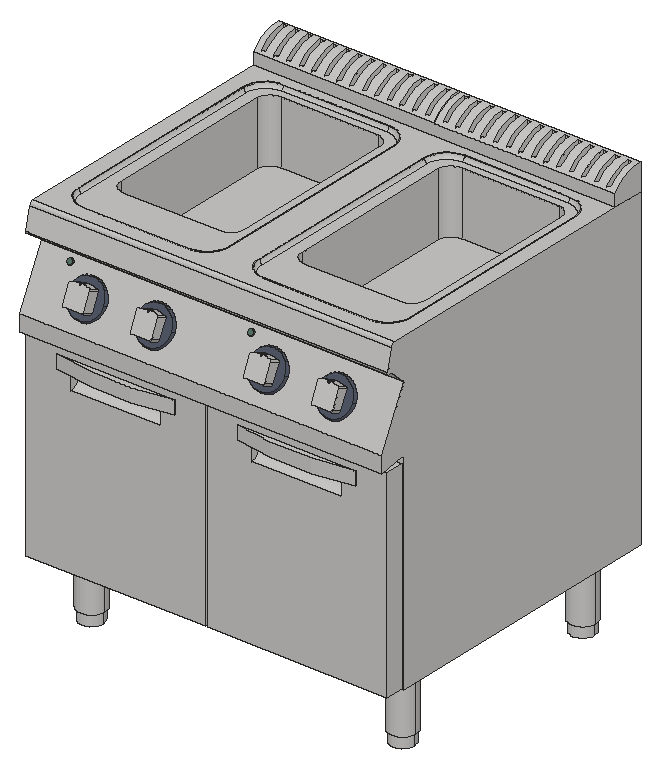
Revit family "QF_ZANUSSI_372353_Z7OOBDBAME", category Specialty Equipment, Revit 2018 (continued)
Automatic sketch dimensions
  Extrusion 27 sketch curve to Extrusion 27 sketch curve = 57.15 mm
  Extrusion 28 sketch curve to plane 1 "BACK" = 6.761 mm
  Extrusion 28 sketch curve to plane 7 "Center Y" = 154.563 mm
  Extrusion 28 sketch curve to Extrusion 28 sketch curve = 9.296 mm
  Extrusion 28 sketch curve to Extrusion 28 sketch curve = 57.15 mm
  Extrusion 29 sketch curve to plane 1 "BACK" = 6.761 mm
  Extrusion 29 sketch curve to plane 7 "Center Y" = 126.721 mm
  Extrusion 29 sketch curve to Extrusion 29 sketch curve = 9.296 mm
  Extrusion 29 sketch curve to Extrusion 29 sketch curve = 57.15 mm
  Extrusion 30 sketch curve to plane 1 "BACK" = 6.761 mm
  Extrusion 30 sketch curve to plane 7 "Center Y" = 98.878 mm
  Extrusion 30 sketch curve to Extrusion 30 sketch curve = 9.296 mm
  Extrusion 30 sketch curve to Extrusion 30 sketch curve = 57.15 mm
  Extrusion 31 sketch curve to plane 1 "BACK" = 6.761 mm
  Extrusion 31 sketch curve to plane 7 "Center Y" = 71.036 mm
  Extrusion 31 sketch curve to Extrusion 31 sketch curve = 9.296 mm
  Extrusion 31 sketch curve to Extrusion 31 sketch curve = 57.15 mm
  Extrusion 32 sketch curve to plane 1 "BACK" = 6.761 mm
  Extrusion 32 sketch curve to plane 7 "Center Y" = 43.194 mm
  Extrusion 32 sketch curve to Extrusion 32 sketch curve = 9.296 mm
  Extrusion 32 sketch curve to Extrusion 32 sketch curve = 57.15 mm
  plane 1 "BACK" to Extrusion 33 sketch curve = 0 mm
  plane 7 "Center Y" to Extrusion 33 sketch curve = 1.587 mm
  Extrusion 33 sketch curve to plane 7 "Center Y" = 1.588 mm
  Extrusion 33 sketch curve to Extrusion 33 sketch curve = 69.85 mm
  Revolve 34 sketch curve to level = 0 mm
  Revolve 34 sketch curve to plane 14 = 0 mm  (x2)
  level to Revolve 34 sketch curve = 25 mm
  plane 3 "LEFT" to Revolve 34 sketch curve = 56 mm
  plane 3 "LEFT" to Revolve 34 sketch curve = 29.75 mm
  plane 3 "LEFT" to Revolve 34 sketch curve = 26 mm
  Revolve 34 sketch curve to Revolve 34 sketch curve = 20 mm
  Revolve 34 sketch curve to Revolve 34 sketch curve = 0 mm
  Revolve 35 sketch curve to level = 0 mm
  Revolve 35 sketch curve to plane 14 = 0 mm  (x2)
  level to Revolve 35 sketch curve = 25 mm
  plane 3 "LEFT" to Revolve 35 sketch curve = 56 mm
  plane 3 "LEFT" to Revolve 35 sketch curve = 29.75 mm
  plane 3 "LEFT" to Revolve 35 sketch curve = 26 mm
  Revolve 35 sketch curve to Revolve 35 sketch curve = 20 mm
  Revolve 35 sketch curve to Revolve 35 sketch curve = 0 mm
  Sweep 40 sketch curve to plane 11 = 2.62 mm  (x2)
  Sweep 40 sketch curve to plane 7 "Center Y" = 33.337 mm
  plane 11 to Sweep 40 sketch curve = 47.38 mm
  Sweep 40 sketch curve to plane 12 = 57.513 mm
  Sweep 40 sketch curve to Sweep 40 sketch curve = 50 mm  (x2)
  plane 3 "LEFT" to Sweep 40 sketch curve = 83.338 mm
  profile plane to Sweep 40 sketch curve = 0 mm
  Sweep 40 sketch curve to plane 10 "TOP A" = 0 mm
  Sweep 40 sketch curve to profile plane = 5.055 mm
  Sweep 40 sketch curve to profile plane = 14.151 mm
  Extrusion 42 sketch curve to plane 5 "FRONT" = 12.909 mm
  Extrusion 42 sketch curve to plane 5 "FRONT" = 15 mm
  Extrusion 42 sketch curve to Extrusion 42 sketch curve = 22 mm
  Extrusion 42 sketch curve to plane 9 "BASE" = 83.237 mm
  Extrusion 42 sketch curve to Extrusion 42 sketch curve = 26 mm
  Extrusion 43 sketch curve to plane 5 "FRONT" = 15 mm
  Extrusion 43 sketch curve to plane 7 "Center Y" = 69.727 mm
  Extrusion 43 sketch curve to plane 12 = 42.135 mm
  plane 3 "LEFT" to Extrusion 43 sketch curve = 200 mm
  plane 3 "LEFT" to Extrusion 43 sketch curve = 69.727 mm
  Extrusion 43 sketch curve to Extrusion 43 sketch curve = 0.915 mm
  Extrusion 44 sketch curve to plane 5 "FRONT" = 12.909 mm
  Extrusion 44 sketch curve to plane 5 "FRONT" = 15 mm
  Extrusion 44 sketch curve to Extrusion 44 sketch curve = 22 mm
  Extrusion 44 sketch curve to plane 9 "BASE" = 83.237 mm
  Extrusion 44 sketch curve to Extrusion 44 sketch curve = 26 mm
  Extrusion 47 sketch curve to plane 7 "Center Y" = 2.13 mm
  plane 14 to Extrusion 47 sketch curve = 5 mm
  Extrusion 47 sketch curve to plane 9 "BASE" = 0.237 mm
  plane 7 "Center Y" to Extrusion 47 sketch curve = 2.13 mm
  Extrusion 48 sketch curve to plane 5 "FRONT" = 9.329 mm
  Extrusion 48 sketch curve to plane 10 "TOP A" = 112.016 mm
  Extrusion 48 sketch curve to Extrusion 48 sketch curve = 3 mm
  Extrusion 48 sketch curve to Extrusion 48 sketch curve = 0 mm
  Extrusion 48 sketch curve to Extrusion 48 sketch curve = 1 mm  (x2)
  Extrusion 48 sketch curve to Extrusion 48 sketch curve = 15 mm
  Extrusion 49 sketch curve to plane 7 "Center Y" = 107.5 mm
  Extrusion 49 sketch curve to Extrusion 49 sketch curve = 35 mm  (x2)
  Extrusion 50 sketch curve to plane 7 "Center Y" = 102 mm
  Extrusion 50 sketch curve to Extrusion 50 sketch curve = 2.997 mm  (x3)
  Extrusion 50 sketch curve to Extrusion 50 sketch curve = 20.003 mm  (x2)
  Extrusion 50 sketch curve to Extrusion 50 sketch curve = 40.005 mm
  Extrusion 50 sketch curve to Extrusion 50 sketch curve = 0 mm  (x2)
  Extrusion 50 sketch curve to Extrusion 50 sketch curve = 40.037 mm
  Extrusion 50 sketch curve to Extrusion 50 sketch curve = 5.399 mm
  Blend 51 sketch curve to plane 7 "Center Y" = 125 mm  (x2)
  Split face 1 sketch curve to Split face 1 sketch curve = 6 mm
  Split face 1 sketch curve to Split face 1 sketch curve = 30.402 mm
  Split face 1 sketch curve to Split face 1 sketch curve = 9.201 mm
  Split face 1 sketch curve to Split face 1 sketch curve = 2.43 mm
  Split face 1 sketch curve to Split face 1 sketch curve = 0.785 mm
  plane 3 "LEFT" to Extrusion 52 sketch curve = 102 mm
  Extrusion 52 sketch curve to Extrusion 52 sketch curve = 2.997 mm  (x3)
  Extrusion 52 sketch curve to Extrusion 52 sketch curve = 20.003 mm  (x2)
  Extrusion 52 sketch curve to Extrusion 52 sketch curve = 40.005 mm
  Extrusion 52 sketch curve to Extrusion 52 sketch curve = 5.399 mm
  Extrusion 52 sketch curve to Extrusion 52 sketch curve = 40.037 mm
  Extrusion 52 sketch curve to Extrusion 52 sketch curve = 0 mm  (x2)
  Extrusion 53 sketch curve to plane 5 "FRONT" = 9.329 mm
  Extrusion 53 sketch curve to plane 10 "TOP A" = 112.016 mm
  Extrusion 53 sketch curve to Extrusion 53 sketch curve = 3 mm
  Extrusion 53 sketch curve to Extrusion 53 sketch curve = 0 mm  (x2)
  Extrusion 53 sketch curve to Extrusion 53 sketch curve = 1 mm
  Extrusion 53 sketch curve to Extrusion 53 sketch curve = 15 mm
  plane 3 "LEFT" to Extrusion 54 sketch curve = 69.999 mm
  plane 3 "LEFT" to Extrusion 55 sketch curve = 107.5 mm
  Extrusion 55 sketch curve to Extrusion 55 sketch curve = 35 mm  (x2)
  plane 3 "LEFT" to Blend 56 sketch curve = 125 mm  (x2)
  Extrusion 57 sketch curve to plane 5 "FRONT" = 9.329 mm
  Extrusion 57 sketch curve to plane 10 "TOP A" = 112.016 mm
  Extrusion 57 sketch curve to Extrusion 57 sketch curve = 3 mm
  Extrusion 57 sketch curve to Extrusion 57 sketch curve = 0 mm
  Extrusion 57 sketch curve to Extrusion 57 sketch curve = 1 mm  (x2)
  Extrusion 57 sketch curve to Extrusion 57 sketch curve = 15 mm
  plane 7 "Center Y" to Extrusion 61 sketch curve = 102 mm
  Extrusion 61 sketch curve to Extrusion 61 sketch curve = 2.997 mm  (x3)
  Extrusion 61 sketch curve to Extrusion 61 sketch curve = 20.003 mm  (x2)
  Extrusion 61 sketch curve to Extrusion 61 sketch curve = 40.005 mm
  Extrusion 61 sketch curve to Extrusion 61 sketch curve = 5.399 mm
  Extrusion 61 sketch curve to Extrusion 61 sketch curve = 40.037 mm
  Extrusion 61 sketch curve to Extrusion 61 sketch curve = 0 mm  (x2)
  Extrusion 62 sketch curve to plane 5 "FRONT" = 9.329 mm
  Extrusion 62 sketch curve to plane 10 "TOP A" = 112.016 mm
  Extrusion 62 sketch curve to Extrusion 62 sketch curve = 3 mm
  Extrusion 62 sketch curve to Extrusion 62 sketch curve = 0 mm  (x2)
  Extrusion 62 sketch curve to Extrusion 62 sketch curve = 1 mm
  Extrusion 62 sketch curve to Extrusion 62 sketch curve = 15 mm
  plane 7 "Center Y" to Extrusion 63 sketch curve = 69.999 mm
  plane 7 "Center Y" to Extrusion 64 sketch curve = 107.5 mm
  Extrusion 64 sketch curve to Extrusion 64 sketch curve = 35 mm  (x2)
  plane 7 "Center Y" to Blend 65 sketch curve = 125 mm  (x2)
  curve 210 to plane 3 "LEFT" = 0 mm
  curve 175 to plane 3 "LEFT" = 0 mm
  curve 175 to plane 4 "RIGHT" = 0 mm
  plane 3 "LEFT" to curve 176 = 102 mm
  curve 176 to curve 177 = 0.809 mm
  curve 180 to curve 180 = 1.583 mm
  curve 177 to curve 178 = 1.846 mm
  curve 177 to curve 191 = 2.189 mm
  curve 176 to curve 179 = 11.892 mm
  curve 180 to curve 183 = 20.417 mm
  curve 178 to curve 181 = 19.134 mm
  curve 181 to curve 190 = 1.738 mm
  curve 182 to curve 184 = 2 mm
  curve 179 to curve 188 = 22.215 mm
  curve 183 to curve 191 = 19.003 mm
  curve 191 to curve 187 = 0.343 mm
  curve 187 to curve 189 = 1.071 mm
  curve 191 to curve 186 = 2.189 mm
  curve 186 to curve 185 = 0.809 mm
  curve 185 to curve 201 = 104 mm
  curve 202 to curve 202 = 0.809 mm
  curve 205 to curve 205 = 1.583 mm
  curve 202 to curve 203 = 1.846 mm
  curve 202 to curve 207 = 2.189 mm
  curve 201 to curve 204 = 11.892 mm
  curve 205 to curve 199 = 20.417 mm
  curve 203 to curve 206 = 19.134 mm
  curve 206 to curve 197 = 1.738 mm
  curve 199 to curve 198 = 2 mm
  curve 204 to curve 195 = 22.215 mm
  curve 198 to curve 207 = 19.003 mm
  curve 207 to curve 194 = 0.343 mm
  curve 194 to curve 196 = 1.071 mm
  curve 207 to curve 193 = 2.189 mm
  curve 193 to curve 192 = 0.809 mm
  plane 7 "Center Y" to curve 211 = 102 mm
  curve 211 to curve 212 = 0.809 mm
  curve 215 to curve 215 = 1.583 mm
  curve 212 to curve 213 = 1.846 mm
  curve 212 to curve 226 = 2.189 mm
  curve 211 to curve 214 = 11.892 mm
  curve 215 to curve 218 = 20.417 mm
  curve 226 to curve 216 = 19.134 mm
  curve 216 to curve 225 = 1.738 mm
  curve 217 to curve 219 = 2 mm
  curve 214 to curve 223 = 22.215 mm
  curve 218 to curve 226 = 19.003 mm
  curve 222 to curve 222 = 0.343 mm
  curve 222 to curve 224 = 1.071 mm
  curve 226 to curve 221 = 2.189 mm
  curve 221 to curve 220 = 0.809 mm
  curve 220 to curve 236 = 104 mm
  curve 236 to curve 237 = 0.809 mm
  curve 240 to curve 240 = 1.583 mm
  curve 237 to curve 238 = 1.846 mm
  curve 237 to curve 242 = 2.189 mm
  curve 236 to curve 239 = 11.892 mm
  curve 240 to curve 234 = 20.417 mm
  curve 238 to curve 241 = 19.134 mm
  curve 241 to curve 232 = 1.738 mm
  curve 234 to curve 233 = 2 mm
  curve 239 to curve 230 = 22.215 mm
  curve 233 to curve 242 = 19.003 mm
  curve 229 to curve 229 = 0.343 mm
  curve 229 to curve 231 = 1.071 mm
  curve 229 to curve 228 = 2.189 mm
  curve 228 to curve 227 = 0.809 mm
  plane 5 "FRONT" to curve 197 = 97.519 mm
  curve 206 to curve 197 = 0 mm
  curve 197 to curve 225 = 0 mm
  curve 181 to curve 206 = 0 mm
  curve 181 to curve 190 = 0 mm
  curve 216 to curve 225 = 0 mm
  curve 225 to curve 241 = 0 mm
  curve 241 to curve 232 = 0 mm
  curve 206 to curve 207 = 86.839 mm
  curve 232 to curve 242 = 86.839 mm
  curve 181 to curve 191 = 86.839 mm
  curve 216 to curve 226 = 86.839 mm
  curve 242 to curve 236 = 1.333 mm
  curve 226 to curve 220 = 1.333 mm
  curve 207 to curve 202 = 1.333 mm
  curve 191 to curve 185 = 1.333 mm
  curve 213 to curve 212 = 1.333 mm
  curve 229 to curve 228 = 1.333 mm
  curve 207 to curve 192 = 1.333 mm
  curve 191 to curve 176 = 1.333 mm
  curve 202 to curve 203 = 2.779 mm
  curve 237 to curve 238 = 2.779 mm
  curve 221 to curve 222 = 2.779 mm
  curve 193 to curve 194 = 2.779 mm
  curve 228 to curve 229 = 2.779 mm
  curve 186 to curve 187 = 2.779 mm
  curve 177 to curve 178 = 2.779 mm
  curve 212 to curve 213 = 2.779 mm
  curve 194 to curve 196 = 14.462 mm
  curve 238 to curve 240 = 14.462 mm
  curve 229 to curve 231 = 14.462 mm
  curve 222 to curve 224 = 14.462 mm
  curve 187 to curve 189 = 14.462 mm
  curve 213 to curve 215 = 14.462 mm
  curve 178 to curve 180 = 14.462 mm
  curve 203 to curve 205 = 14.462 mm
  curve 224 to curve 219 = 1.435 mm
  curve 180 to curve 183 = 1.435 mm
  curve 205 to curve 200 = 1.435 mm
  curve 231 to curve 233 = 1.435 mm
  curve 183 to curve 188 = 41.91 mm
  curve 234 to curve 239 = 41.91 mm
  curve 217 to curve 214 = 41.91 mm
  curve 239 to curve 230 = 0 mm
  curve 198 to curve 195 = 41.91 mm
  curve 179 to curve 188 = 0 mm
  curve 204 to curve 195 = 0 mm
  curve 214 to curve 223 = 0 mm
  plane 3 "LEFT" to curve 99 = 13.453 mm
  curve 99 to curve 99 = 9.296 mm
  curve 99 to curve 101 = 18.547 mm
  curve 101 to curve 101 = 9.296 mm
  curve 101 to curve 102 = 18.547 mm
  curve 102 to curve 102 = 9.296 mm
  curve 102 to curve 103 = 18.547 mm
  curve 103 to curve 103 = 9.296 mm
  curve 179 to curve 176 = 9.809 mm
  curve 180 to curve 180 = 0.284 mm
  curve 103 to curve 104 = 18.547 mm
  curve 104 to curve 104 = 9.296 mm
  curve 104 to curve 105 = 18.547 mm
  curve 105 to curve 105 = 9.296 mm
  curve 189 to curve 189 = 0.284 mm
  curve 185 to curve 188 = 9.809 mm
  curve 105 to curve 106 = 18.547 mm
  curve 106 to curve 106 = 9.296 mm
  curve 106 to curve 107 = 18.547 mm
  curve 107 to curve 107 = 9.296 mm
  curve 204 to curve 201 = 9.809 mm
  curve 205 to curve 205 = 0.284 mm
  curve 107 to curve 108 = 18.547 mm
  curve 108 to curve 108 = 9.296 mm
  curve 108 to curve 109 = 18.547 mm
  curve 109 to curve 109 = 9.296 mm
  curve 196 to curve 197 = 0.284 mm
  curve 192 to curve 195 = 9.809 mm
  curve 109 to curve 110 = 18.547 mm
  curve 110 to curve 110 = 9.296 mm
  curve 110 to curve 111 = 18.547 mm
  curve 111 to curve 111 = 9.296 mm
  curve 111 to curve 112 = 18.547 mm
  curve 112 to curve 112 = 9.296 mm
  curve 112 to curve 100 = 18.547 mm
  curve 100 to curve 100 = 9.296 mm
  plane 7 "Center Y" to curve 114 = 15.351 mm
  curve 114 to curve 114 = 9.296 mm
  curve 114 to curve 126 = 18.547 mm
  curve 126 to curve 126 = 9.296 mm
  curve 126 to curve 125 = 18.547 mm
  curve 125 to curve 125 = 9.296 mm
  curve 125 to curve 124 = 18.547 mm
  curve 124 to curve 124 = 9.296 mm
  curve 214 to curve 211 = 9.809 mm
  curve 216 to curve 215 = 0.284 mm
  curve 124 to curve 123 = 18.547 mm
  curve 123 to curve 123 = 9.296 mm
  curve 123 to curve 122 = 18.547 mm
  curve 122 to curve 122 = 9.296 mm
  curve 224 to curve 224 = 0.284 mm
  curve 220 to curve 223 = 9.809 mm
  curve 122 to curve 121 = 18.547 mm
  curve 121 to curve 121 = 9.296 mm
  curve 121 to curve 120 = 18.547 mm
  curve 120 to curve 120 = 9.296 mm
  curve 239 to curve 236 = 9.809 mm
  curve 240 to curve 240 = 0.284 mm
  curve 120 to curve 119 = 18.547 mm
  curve 119 to curve 119 = 9.296 mm
  curve 119 to curve 118 = 18.547 mm
  curve 118 to curve 118 = 9.296 mm
  curve 231 to curve 231 = 0.284 mm
  curve 227 to curve 230 = 9.809 mm
  curve 118 to curve 117 = 18.547 mm
  curve 117 to curve 117 = 9.296 mm
  curve 117 to curve 116 = 18.547 mm
  curve 116 to curve 116 = 9.296 mm
  curve 116 to curve 115 = 18.547 mm
  curve 115 to curve 115 = 9.296 mm
  curve 115 to curve 113 = 18.547 mm
  curve 113 to curve 113 = 9.296 mm
  plane 4 "RIGHT" to curve 244 = 0.05 mm
  curve 178 to curve 210 = 6.567 mm
  curve 238 to curve 243 = 6.567 mm
  curve 229 to curve 244 = 6.567 mm
  curve 187 to curve 208 = 6.567 mm
  curve 194 to curve 209 = 6.567 mm
  curve 215 to curve 215 = 0.567 mm
  curve 196 to curve 196 = 0.567 mm
  curve 205 to curve 205 = 0.567 mm
  curve 189 to curve 189 = 0.567 mm
  curve 240 to curve 240 = 0.567 mm
  curve 231 to curve 231 = 0.567 mm
  curve 224 to curve 224 = 0.567 mm
  curve 180 to curve 180 = 0.567 mm
  curve 216 to curve 214 = 1.156 mm
  plane 1 "BACK" to curve 120 = 63.911 mm
  curve 121 to curve 120 = 0 mm
  plane 1 "BACK" to curve 116 = 63.911 mm
  curve 116 to curve 115 = 0 mm
  curve 122 to curve 121 = 0 mm
  plane 1 "BACK" to curve 114 = 63.911 mm
  curve 117 to curve 116 = 0 mm
  curve 115 to curve 113 = 0 mm
  curve 112 to curve 114 = 0 mm
  curve 111 to curve 112 = 0 mm
  curve 118 to curve 117 = 0 mm
  curve 123 to curve 122 = 0 mm
  curve 110 to curve 111 = 0 mm
  curve 109 to curve 110 = 0 mm
  curve 124 to curve 123 = 0 mm
  curve 108 to curve 109 = 0 mm
  curve 107 to curve 108 = 0 mm
  curve 125 to curve 124 = 0 mm
  curve 106 to curve 107 = 0 mm
  curve 105 to curve 106 = 0 mm
  curve 104 to curve 105 = 0 mm
  curve 103 to curve 104 = 0 mm
  curve 119 to curve 118 = 0 mm
  curve 126 to curve 125 = 0 mm
  curve 102 to curve 103 = 0 mm
  curve 101 to curve 102 = 0 mm
  curve 112 to curve 100 = 0 mm
  curve 99 to curve 101 = 0 mm
  Extrusion 2 sketch curve to plane 10 "TOP A" = 0 mm
  Extrusion 2 sketch curve to plane 1 "BACK" = 0 mm
  Extrusion 2 sketch curve to plane 6 "TOP" = 0 mm
  plane 1 "BACK" to Extrusion 2 sketch curve = 1.769 mm
  plane 10 "TOP A" to Extrusion 2 sketch curve = 25.4 mm
  plane 1 "BACK" to Extrusion 2 sketch curve = 69.85 mm
  Extrusion 3 sketch curve to plane 12 = 7.513 mm  (x3)
  Extrusion 3 sketch curve to plane 4 "RIGHT" = 33.338 mm
  Extrusion 3 sketch curve to plane 12 = 57.513 mm
  Extrusion 3 sketch curve to plane 11 = 2.62 mm  (x3)
  Extrusion 3 sketch curve to Extrusion 3 sketch curve = 50 mm  (x4)
  plane 7 "Center Y" to Extrusion 3 sketch curve = 83.337 mm
  Extrusion 3 sketch curve to plane 7 "Center Y" = 33.337 mm
  plane 3 "LEFT" to Extrusion 3 sketch curve = 83.338 mm  (x2)
  plane 5 "FRONT" to Extrusion 5 sketch curve = 0 mm  (x2)
  plane 1 "BACK" to Extrusion 5 sketch curve = 0 mm
  Extrusion 5 sketch curve to plane 3 "LEFT" = 0 mm
  Extrusion 5 sketch curve to plane 4 "RIGHT" = 0 mm
  Extrusion 5 sketch curve to plane 3 "LEFT" = 150.019 mm
  plane 4 "RIGHT" to Extrusion 5 sketch curve = 150.019 mm
  Extrusion 5 sketch curve to plane 1 "BACK" = 150.019 mm
  curve 128 to curve 150 = 0 mm  (x2)
  curve 130 to curve 144 = 0 mm  (x2)
  curve 132 to curve 146 = 0 mm
  curve 134 to curve 148 = 0 mm  (x2)
  curve 152 to curve 174 = 0 mm  (x2)
  curve 154 to curve 168 = 0 mm  (x2)
  curve 156 to curve 170 = 0 mm  (x2)
  curve 158 to curve 172 = 0 mm
  curve 6 to plane 4 "RIGHT" = 0 mm
  curve 97 to plane 4 "RIGHT" = 0 mm
  plane 5 "FRONT" to curve 98 = 0 mm
  plane 5 "FRONT" to curve 97 = 0 mm
  plane 1 "BACK" to curve 92 = 0 mm
  plane 5 "FRONT" to curve 95 = 0 mm
  plane 5 "FRONT" to curve 96 = 0 mm
  curve 5 to plane 3 "LEFT" = 0 mm
  curve 95 to plane 3 "LEFT" = 0 mm
  plane 5 "FRONT" to curve 5 = 0 mm
  plane 5 "FRONT" to curve 6 = 0 mm
  plane 4 "RIGHT" to curve 3 = 150.019 mm
  curve 52 to plane 4 "RIGHT" = 13.453 mm
  curve 51 to curve 52 = 9.296 mm
  curve 155 to plane 4 "RIGHT" = 33.338 mm
  curve 155 to curve 169 = 5.055 mm
  plane 1 "BACK" to curve 57 = 6.761 mm
  curve 50 to curve 57 = 18.547 mm
  curve 57 to curve 58 = 9.296 mm
  curve 165 to plane 4 "RIGHT" = 63.338 mm
  plane 1 "BACK" to curve 60 = 6.761 mm
  curve 56 to curve 60 = 18.547 mm
  curve 60 to curve 59 = 9.296 mm
  curve 154 to plane 12 = 7.513 mm
  curve 165 to curve 154 = 20 mm
  curve 170 to plane 11 = 2.62 mm
  curve 169 to curve 170 = 44.945 mm
  curve 164 to curve 163 = 30 mm
  curve 154 to curve 166 = 10 mm
  plane 1 "BACK" to curve 64 = 6.761 mm
  curve 59 to curve 64 = 18.547 mm
  curve 63 to curve 62 = 9.296 mm
  plane 1 "BACK" to curve 67 = 6.761 mm
  curve 62 to curve 67 = 18.547 mm
  curve 66 to curve 65 = 9.296 mm
  plane 1 "BACK" to curve 69 = 6.761 mm
  curve 65 to curve 69 = 18.547 mm
  curve 69 to curve 68 = 9.296 mm
  plane 1 "BACK" to curve 72 = 6.761 mm
  curve 68 to curve 72 = 18.547 mm
  curve 72 to curve 71 = 9.296 mm
  plane 1 "BACK" to curve 75 = 6.761 mm
  curve 71 to curve 75 = 18.547 mm
  curve 75 to curve 74 = 9.296 mm
  plane 1 "BACK" to curve 79 = 6.761 mm
  curve 74 to curve 79 = 18.547 mm
  curve 78 to curve 79 = 9.296 mm
  plane 1 "BACK" to curve 81 = 6.761 mm
  curve 77 to curve 81 = 18.547 mm
  curve 81 to curve 82 = 9.296 mm
  plane 1 "BACK" to curve 85 = 6.761 mm
  curve 80 to curve 85 = 18.547 mm
  curve 84 to curve 83 = 9.296 mm
  plane 7 "Center Y" to curve 162 = 93.338 mm
  curve 83 to curve 159 = 5.541 mm
  curve 172 to plane 11 = 2.62 mm
  curve 162 to curve 172 = 10 mm
  curve 152 to plane 12 = 7.563 mm
  plane 1 "BACK" to curve 87 = 6.761 mm
  curve 83 to curve 87 = 18.547 mm
  curve 87 to curve 88 = 9.296 mm
  curve 162 to curve 161 = 30.05 mm
  plane 7 "Center Y" to curve 98 = 54.971 mm
  plane 1 "BACK" to curve 90 = 6.761 mm
  curve 86 to curve 90 = 18.547 mm
  curve 90 to curve 91 = 9.296 mm
  plane 1 "BACK" to curve 55 = 6.761 mm
  curve 89 to curve 55 = 18.547 mm
  curve 54 to curve 55 = 9.296 mm
  plane 7 "Center Y" to curve 94 = 1.588 mm
  curve 93 to plane 7 "Center Y" = 1.587 mm
  plane 1 "BACK" to curve 11 = 6.761 mm
  curve 93 to curve 11 = 13.764 mm
  curve 11 to curve 13 = 9.296 mm
  curve 127 to plane 11 = 2.62 mm
  curve 127 to plane 7 "Center Y" = 33.337 mm
  curve 127 to curve 149 = 5.055 mm
  plane 1 "BACK" to curve 49 = 6.761 mm
  curve 12 to curve 49 = 18.547 mm
  curve 47 to curve 49 = 9.296 mm
  curve 96 to plane 7 "Center Y" = 54.971 mm
  curve 137 to plane 7 "Center Y" = 63.337 mm
  plane 1 "BACK" to curve 44 = 6.761 mm
  curve 48 to curve 44 = 18.547 mm
  curve 44 to curve 46 = 9.296 mm
  curve 128 to plane 12 = 7.513 mm
  curve 136 to curve 128 = 20 mm
  curve 148 to curve 148 = 44.945 mm
  curve 138 to curve 138 = 30 mm
  curve 128 to curve 136 = 10 mm
  plane 1 "BACK" to curve 43 = 6.761 mm
  curve 45 to curve 43 = 18.547 mm
  curve 41 to curve 43 = 9.296 mm
  plane 1 "BACK" to curve 40 = 6.761 mm
  curve 42 to curve 40 = 18.547 mm
  curve 38 to curve 40 = 9.296 mm
  plane 1 "BACK" to curve 37 = 6.761 mm
  curve 39 to curve 37 = 18.547 mm
  curve 35 to curve 37 = 9.296 mm
  plane 1 "BACK" to curve 34 = 6.761 mm
  curve 36 to curve 34 = 18.547 mm
  curve 32 to curve 33 = 9.296 mm
  plane 1 "BACK" to curve 31 = 6.761 mm
  curve 33 to curve 31 = 18.547 mm
  curve 29 to curve 31 = 9.296 mm
  plane 1 "BACK" to curve 26 = 6.761 mm
  curve 30 to curve 26 = 18.547 mm
  curve 26 to curve 28 = 9.296 mm
  plane 1 "BACK" to curve 23 = 6.761 mm
  curve 27 to curve 23 = 18.547 mm
  curve 23 to curve 24 = 9.296 mm
  plane 1 "BACK" to curve 22 = 6.761 mm
  curve 24 to curve 22 = 18.547 mm
  curve 20 to curve 22 = 9.296 mm
  plane 3 "LEFT" to curve 140 = 93.338 mm
  curve 142 to plane 12 = 7.513 mm
  curve 21 to curve 142 = 3.642 mm
  curve 132 to plane 11 = 2.62 mm
  curve 140 to curve 132 = 10 mm
  curve 135 to curve 129 = 10 mm
  plane 1 "BACK" to curve 19 = 6.761 mm
  curve 21 to curve 19 = 18.547 mm
  curve 17 to curve 19 = 9.296 mm
  curve 140 to curve 141 = 30.05 mm
  plane 1 "BACK" to curve 16 = 6.761 mm
  curve 18 to curve 16 = 18.547 mm
  curve 14 to curve 16 = 9.296 mm
  plane 1 "BACK" to curve 9 = 6.761 mm
  curve 15 to curve 9 = 18.547 mm
  curve 7 to curve 8 = 9.296 mm
  curve 2 to plane 3 "LEFT" = 150.019 mm
  curve 2 to plane 1 "BACK" = 150.019 mm
  plane 1 "BACK" to curve 50 = 6.761 mm
  curve 11 to curve 10 = 63.089 mm
  curve 10 to curve 94 = 0 mm
  curve 167 to curve 159 = 14.945 mm
  curve 140 to curve 132 = 80 mm
  curve 162 to curve 158 = 80 mm
  curve 95 to plane 5 "FRONT" = 42.863 mm
  curve 97 to plane 5 "FRONT" = 42.863 mm
  plane 5 "FRONT" to curve 98 = 156.356 mm
  curve 96 to curve 98 = 0 mm
  curve 98 to curve 156 = 9.097 mm
  curve 60 to curve 154 = 26.213 mm
  curve 62 to curve 154 = 26.213 mm
  curve 62 to curve 63 = 0 mm
  curve 59 to curve 60 = 0 mm
  curve 60 to curve 57 = 0 mm
  curve 56 to curve 57 = 0 mm
  curve 54 to curve 92 = 5.939 mm
  curve 65 to curve 62 = 0 mm
  curve 65 to curve 66 = 0 mm
  curve 53 to curve 54 = 0 mm
  curve 51 to curve 94 = 5.939 mm
  curve 50 to curve 51 = 0 mm
  curve 48 to curve 128 = 26.213 mm
  curve 68 to curve 65 = 0 mm
  curve 68 to curve 69 = 0 mm
  curve 48 to curve 47 = 0 mm
  curve 45 to curve 128 = 26.213 mm
  curve 45 to curve 44 = 0 mm
  curve 42 to curve 45 = 0 mm
  curve 71 to curve 68 = 0 mm
  curve 71 to curve 72 = 0 mm
  curve 42 to curve 41 = 0 mm
  curve 39 to curve 42 = 0 mm
  curve 39 to curve 38 = 0 mm
  curve 36 to curve 39 = 0 mm
  curve 74 to curve 71 = 0 mm
  curve 74 to curve 75 = 0 mm
  curve 36 to curve 35 = 0 mm
  curve 33 to curve 36 = 0 mm
  curve 33 to curve 32 = 0 mm
  curve 30 to curve 33 = 0 mm
  curve 77 to curve 74 = 0 mm
  curve 77 to curve 78 = 0 mm
  curve 30 to curve 29 = 0 mm
  curve 27 to curve 30 = 0 mm
  curve 27 to curve 26 = 0 mm
  curve 24 to curve 27 = 0 mm
  curve 80 to curve 77 = 0 mm
  curve 80 to curve 81 = 0 mm
  curve 24 to curve 23 = 0 mm
  curve 21 to curve 24 = 0 mm
  curve 21 to curve 20 = 0 mm
  curve 18 to curve 21 = 0 mm
  curve 83 to curve 80 = 0 mm
  curve 83 to curve 84 = 0 mm
  curve 18 to curve 17 = 0 mm
  curve 15 to curve 18 = 0 mm
  curve 15 to curve 14 = 0 mm
  curve 47 to curve 12 = 0 mm
  curve 86 to curve 83 = 0 mm
  curve 86 to curve 87 = 0 mm
  curve 12 to curve 11 = 0 mm
  curve 90 to curve 86 = 0 mm
  curve 89 to curve 90 = 0 mm
  curve 8 to curve 10 = 5.939 mm
  curve 8 to curve 7 = 0 mm
  plane 5 "FRONT" to curve 1 = 1.377 mm
  plane 5 "FRONT" to curve 3 = 1.377 mm
  Extrusion 19 sketch curve to plane 1 "BACK" = 6.761 mm
  plane 4 "RIGHT" to Extrusion 19 sketch curve = 22.749 mm
  Extrusion 19 sketch curve to Extrusion 19 sketch curve = 9.296 mm
  Extrusion 19 sketch curve to Extrusion 19 sketch curve = 57.15 mm
  Extrusion 21 sketch curve to plane 1 "BACK" = 6.761 mm
  plane 4 "RIGHT" to Extrusion 21 sketch curve = 50.591 mm
  Extrusion 21 sketch curve to Extrusion 21 sketch curve = 9.296 mm
  Extrusion 21 sketch curve to Extrusion 21 sketch curve = 57.15 mm
  Extrusion 22 sketch curve to plane 1 "BACK" = 6.761 mm
  plane 4 "RIGHT" to Extrusion 22 sketch curve = 78.433 mm
  Extrusion 22 sketch curve to Extrusion 22 sketch curve = 9.296 mm
  Extrusion 22 sketch curve to Extrusion 22 sketch curve = 57.15 mm
  Extrusion 23 sketch curve to plane 1 "BACK" = 6.761 mm
  plane 4 "RIGHT" to Extrusion 23 sketch curve = 106.275 mm
  Extrusion 23 sketch curve to Extrusion 23 sketch curve = 9.296 mm
  Extrusion 23 sketch curve to Extrusion 23 sketch curve = 57.15 mm
  Extrusion 24 sketch curve to plane 1 "BACK" = 6.761 mm
  plane 4 "RIGHT" to Extrusion 24 sketch curve = 134.118 mm
  Extrusion 24 sketch curve to Extrusion 24 sketch curve = 9.296 mm
  Extrusion 24 sketch curve to Extrusion 24 sketch curve = 57.15 mm
  Extrusion 25 sketch curve to plane 1 "BACK" = 6.761 mm
  plane 4 "RIGHT" to Extrusion 25 sketch curve = 161.96 mm
  Extrusion 25 sketch curve to Extrusion 25 sketch curve = 9.296 mm
  Extrusion 25 sketch curve to Extrusion 25 sketch curve = 57.15 mm
  Extrusion 26 sketch curve to plane 1 "BACK" = 6.761 mm
  plane 4 "RIGHT" to Extrusion 26 sketch curve = 189.802 mm
  Extrusion 26 sketch curve to Extrusion 26 sketch curve = 9.296 mm
  Extrusion 26 sketch curve to Extrusion 26 sketch curve = 57.15 mm
  Revolve 36 sketch curve to level = 0 mm
  Revolve 36 sketch curve to plane 14 = 0 mm  (x2)
  level to Revolve 36 sketch curve = 25 mm
  Revolve 36 sketch curve to plane 4 "RIGHT" = 26 mm
  Revolve 36 sketch curve to Revolve 36 sketch curve = 3.75 mm
  Revolve 36 sketch curve to Revolve 36 sketch curve = 30 mm
  Revolve 36 sketch curve to Revolve 36 sketch curve = 20 mm
  Revolve 36 sketch curve to Revolve 36 sketch curve = 0 mm
  Revolve 37 sketch curve to level = 0 mm
  Revolve 37 sketch curve to plane 14 = 0 mm  (x2)
  level to Revolve 37 sketch curve = 25 mm
  Revolve 37 sketch curve to plane 4 "RIGHT" = 26 mm
  Revolve 37 sketch curve to Revolve 37 sketch curve = 3.75 mm
  Revolve 37 sketch curve to Revolve 37 sketch curve = 30 mm
  plane 14 to Revolve 37 sketch curve = 20 mm
  Revolve 37 sketch curve to Revolve 37 sketch curve = 0 mm
  Extrusion 39 sketch curve to plane 11 = 2.62 mm  (x4)
  Extrusion 39 sketch curve to plane 4 "RIGHT" = 33.338 mm
  Extrusion 39 sketch curve to plane 4 "RIGHT" = 63.338 mm
  Extrusion 39 sketch curve to plane 12 = 7.513 mm  (x6)
  Extrusion 39 sketch curve to Extrusion 39 sketch curve = 20 mm  (x2)
  plane 11 to Extrusion 39 sketch curve = 47.38 mm
  Extrusion 39 sketch curve to Extrusion 39 sketch curve = 30 mm  (x4)
  Extrusion 39 sketch curve to Extrusion 39 sketch curve = 10 mm  (x5)
  plane 7 "Center Y" to Extrusion 39 sketch curve = 93.337 mm  (x2)
  plane 7 "Center Y" to Extrusion 39 sketch curve = 83.337 mm
  Extrusion 39 sketch curve to plane 7 "Center Y" = 33.338 mm
  Extrusion 39 sketch curve to Extrusion 39 sketch curve = 50 mm
  plane 3 "LEFT" to Extrusion 39 sketch curve = 93.338 mm
  Extrusion 39 sketch curve to Extrusion 39 sketch curve = 80 mm  (x2)
  Sweep 41 sketch curve to plane 11 = 2.62 mm  (x2)
  plane 7 "Center Y" to Sweep 41 sketch curve = 33.337 mm
  plane 11 to Sweep 41 sketch curve = 47.38 mm
  Sweep 41 sketch curve to plane 12 = 57.513 mm
  Sweep 41 sketch curve to Sweep 41 sketch curve = 50 mm  (x2)
  Sweep 41 sketch curve to plane 4 "RIGHT" = 83.338 mm
  Sweep 41 sketch curve to plane 10 "TOP A" = 0 mm
  profile plane to Sweep 41 sketch curve = 0 mm
  Sweep 41 sketch curve to Sweep 41 sketch curve = 5.055 mm
  Sweep 41 sketch curve to Sweep 41 sketch curve = 14.151 mm
  Extrusion 45 sketch curve to plane 5 "FRONT" = 15 mm
  Extrusion 45 sketch curve to plane 4 "RIGHT" = 69.727 mm
  Extrusion 45 sketch curve to plane 12 = 42.135 mm
  Extrusion 45 sketch curve to plane 4 "RIGHT" = 200 mm
  plane 7 "Center Y" to Extrusion 45 sketch curve = 69.727 mm
  Extrusion 45 sketch curve to Extrusion 45 sketch curve = 0.915 mm
  Extrusion 46 sketch curve to plane 4 "RIGHT" = 0 mm
  Extrusion 46 sketch curve to plane 3 "LEFT" = 0 mm
  Extrusion 46 sketch curve to plane 4 "RIGHT" = 12.169 mm
  plane 7 "Center Y" to Extrusion 46 sketch curve = 2.13 mm
  Extrusion 46 sketch curve to plane 7 "Center Y" = 2.13 mm
  plane 3 "LEFT" to Extrusion 46 sketch curve = 12.169 mm
  Extrusion 46 sketch curve to plane 5 "FRONT" = 27.6 mm
  Extrusion 46 sketch curve to Extrusion 46 sketch curve = 0 mm
  Extrusion 46 sketch curve to Extrusion 46 sketch curve = 0.091 mm  (x2)
  Extrusion 58 sketch curve to plane 4 "RIGHT" = 107.5 mm
  Extrusion 58 sketch curve to Extrusion 58 sketch curve = 35 mm  (x2)
  Extrusion 59 sketch curve to plane 4 "RIGHT" = 102 mm
  Extrusion 59 sketch curve to Extrusion 59 sketch curve = 2.997 mm  (x3)
  Extrusion 59 sketch curve to Extrusion 59 sketch curve = 20.003 mm  (x2)
  Extrusion 59 sketch curve to Extrusion 59 sketch curve = 40.005 mm
  Extrusion 59 sketch curve to Extrusion 59 sketch curve = 0 mm  (x2)
  Extrusion 59 sketch curve to Extrusion 59 sketch curve = 40.037 mm
  Extrusion 59 sketch curve to Extrusion 59 sketch curve = 5.399 mm
  Blend 60 sketch curve to plane 4 "RIGHT" = 125 mm  (x2)
  Split face 7 sketch curve to Split face 7 sketch curve = 6 mm
  Split face 7 sketch curve to Split face 7 sketch curve = 30.402 mm
  Split face 7 sketch curve to Split face 7 sketch curve = 9.201 mm
  Split face 7 sketch curve to Split face 7 sketch curve = 2.43 mm
  Split face 7 sketch curve to Split face 7 sketch curve = 0.785 mm
  curve 132 to curve 96 = 9.097 mm
  radius of Blend 51 sketch curve = 42.5 mm
  radius of Blend 51 sketch curve = 40.5 mm
  radius of Extrusion 54 sketch curve = 6 mm
  radius of Blend 56 sketch curve = 42.5 mm
  radius of Blend 56 sketch curve = 40.5 mm
  radius of Split face 2 sketch curve = 1.5 mm
  radius of Split face 3 sketch curve = 1.5 mm
  radius of Split face 4 sketch curve = 1.5 mm
  radius of Split face 5 sketch curve = 1.5 mm
  radius of Split face 6 sketch curve = 1.5 mm
  radius of Extrusion 63 sketch curve = 6 mm
  radius of Blend 65 sketch curve = 42.5 mm
  radius of Blend 65 sketch curve = 40.5 mm
  radius of Split face 8 sketch curve = 1.5 mm
  radius of Split face 9 sketch curve = 1.5 mm
  radius of Split face 10 sketch curve = 1.5 mm
  radius of Split face 11 sketch curve = 1.5 mm
  radius of Split face 12 sketch curve = 1.5 mm
  radius of Extrusion 38 sketch curve = 12.7 mm  (x2)
  radius of Extrusion 38 sketch curve = 6.35 mm
  radius of Blend 60 sketch curve = 42.5 mm
  radius of Blend 60 sketch curve = 40.5 mm
Connectors
  piping at (632, -581, 137.3), diameter 25.4
    settings: on Extrusion 38, index 1, connector inside diameter 1", connector length 0 mm, flow factor 0, pipe flow 0 GPM, pressure drop 0.00 psi, fitting loss kfactor 0, connector angle 0.00°, fixture units 0, engagement length 0 mm, angle of deflection 0.00°, flow configuration 1, flow direction 2, fitting loss method 0, system type 16, joint type 0, gender type 0, connector reference index -1, connector utility 0, adjustable connector no, is connector primary yes, connector description "Drain"
  piping at (735, -501, 137.3), diameter 12.7, driven by "Cold Water Size"
    settings: on Extrusion 38, index 2, connector inside diameter 0.50394", connector length 0 mm, flow factor 0, pipe flow 0 GPM, pressure drop 0.00 psi, fitting loss kfactor 0, connector angle 0.00°, fixture units 0, engagement length 0 mm, angle of deflection 0.00°, flow configuration 1, flow direction 1, fitting loss method 0, system type 20, joint type 0, gender type 0, connector reference index -1, connector utility 0, adjustable connector no, is connector primary no, connector description "Cold Water Inlet"
  electrical at (599, -371, 137.3), driven by "Volts"
    settings: on Extrusion 38, index 3, voltage 380 V, apparent load 12000 VA, apparent load phase1 0 VA, apparent load phase2 0 VA, apparent load phase3 0 VA, power factor 1, load classification "Other", number of poles 1, system type 30, power factor state 1, is connector primary yes, connector utility no, sub classification motor no, connector description "Electrical Connection"
